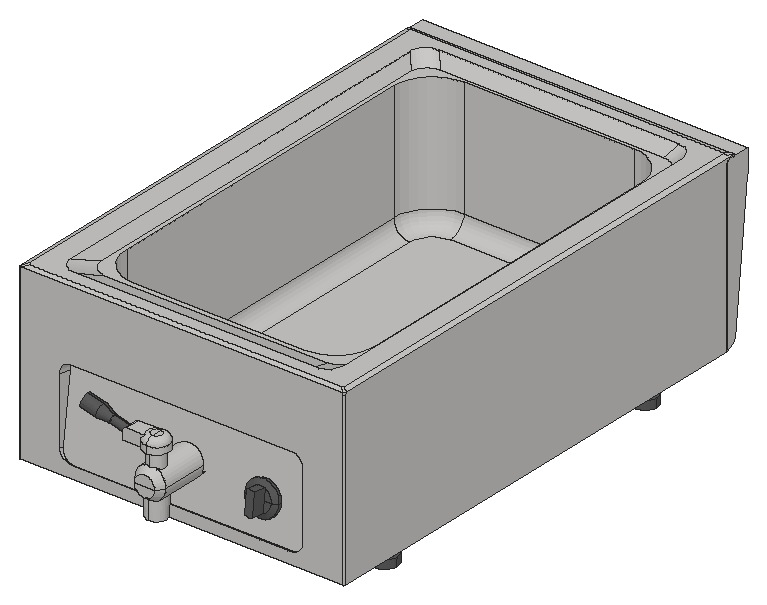
Revit family "QF_BPRO_BC PC 4800_574210", category Sonderausstattung, Revit 2018
Family settings
  Bemaßung runder Anschluss = Durchmesser verwenden
  Teiletyp = Normal
  Arbeitsebenenbasiert = Nein
  Immer vertikal = Ja
  Beim Laden mit Abzugskörper schneiden = Nein
  Gemeinsam genutzt = Nein
  Raumberechnungspunkt = Ja
Parameters (values of type "BC PC 4800")
  Zuleitung zum Gerät im Lieferumfang = yes
  Zubehör = yes
  Warnhinweise = ""
  URL = "https://www.bpro-solutions.com/"
  Typenkommentare = "Pastakocher BC PC 4800"
  Tiefe = 620 mm
  Stecker System = ""
  Spannung = 400 V
  Serviceintervalle = ""
  Schalldruckpegel = ""
  Phasen = 3
  Modell = "BC PC 4800"
  Material = QF_Metal-Stainless-Steel_general
  Länge Gerätebreite = 400 mm
  Kosten = 2634
  Internetadresse für Ersatzteilliste = "https://www.bpro-solutions.com/de/service/service.cfm?language=de"
  Internetadresse Gerätehersteller = "https://www.bpro-solutions.com/"
  Installationshöhe [instance] = 900 mm
  ID [instance] = ""
  Höhe = 240 mm
  Hersteller = "B.PRO GmbH"
  Hauptschalter integriert = yes
  Großküchengerätezuordnung = yes
  Gerätegewicht Netto = 14.00 kg
  Garantiezeit = ""
  Frequenz = 50 Hz
  Freiraum [instance] = no
  Elektrische leistung = 4800 W
  Elektrische Beschreibungen = ""
  CE Kennzeichnung = yes
  Beschreibung durch Nutzer = ""
  Beschreibung durch Hersteller analog Leistungsverzeichnislangtext = "BC PC 4800\r\nPastakocher\r\nnahtlos tiefgezogenes\r\nBecken, für die Aufnahme von\r\nGN-Behälter oder\r\nPastakörben bis\r\n150 mm Tiefe,\r\nKontrollleuchte zur Anzeige\r\ndes Betriebszustands und der\r\nAufheizphase"
  Beschreibung durch Hersteller analog Leistungsverzeichniskurztext = "BC PC 4800\r\nPastakocher\r\nnahtlos tiefgezogenes\r\nBecken, für die Aufnahme von\r\nGN-Behälter oder\r\nPastakörben bis\r\n150 mm Tiefe,\r\nKontrollleuchte zur Anzeige\r\ndes Betriebszustands und der\r\nAufheizphase"
  Beschreibung = "Pastakocher für GN Behälter oder Pastakörben"
  Beckentiefe = 165 mm
  Becken Versatz von vorne = 58 mm
  Becken Tiefe = 506 mm
  Becken Länge = 305 mm
  Artikel Nummer = "574210"
Reference planes
  plane 1 "Hinten": y = 0
  plane 2: z = 0
  plane 3 "Mitte (Links/rechts)": x = 0
  plane 4 "Installationshöhe": z = 900
  plane 5 "UK Korpus": z = 926.5
  plane 6 "OK Korpus": z = 1136.5
  plane 7 "OK": z = 1140
  plane 8: z = 925
  plane 9: x = -200
  plane 10: x = 200
  plane 11: x = 167.88
  plane 12: x = 152.5
  plane 13: x = -152.5
  plane 14: x = -167.88
  plane 15: y = -599.88
  plane 16 "biv": y = -562
  plane 17: y = -56
  plane 18: y = -40.12
  plane 19: y = -20
  plane 20 "Vorne": y = -620
  plane 21 "Korpus Rückseite": y = -30
  plane 22: z = 1126.5
  plane 23: z = 961.5
  plane 24: x = 95
  plane 25 "Füße Links": x = -172
  plane 26 "Füße Rechts": x = 172
  plane 27 "Füße Vorne": y = -522
  plane 28 "Füße Hinten": y = -123
  plane 29: z = 940.5
  plane 30: z = 1050.5
  plane 31: x = -149.5
  plane 32: x = 149.5
  plane 33 "Mitte L/S": y = -605
  plane 34 "ablaufhöhe": z = 990.564
  plane 35 "hahn": y = -658.5
  plane 36: x = -24
  plane 37: z = 1030.564
Forms (mm)
  Extrusion 1, solid, material "QF_Metal-Stainless-Steel_general" <- "Material", detail levels fine
    sketch origin (0, 0, 900) x (-1, 0, 0) y (0, -1, 0)
      loop
        line (198, 620) -> (-198, 620)
        arc (-198, 620) -> (-199.414, 619.414) -> (-200, 618) r 2
        line (-200, 618) -> (-200, 32)
        arc (-200, 32) -> (-199.414, 30.586) -> (-198, 30) r 2
        line (-198, 30) -> (198, 30)
        arc (198, 30) -> (199.414, 30.586) -> (200, 32) r 2
        line (200, 32) -> (200, 618)
        arc (200, 618) -> (199.414, 619.414) -> (198, 620) r 2
    from 26.5 to 236.5
  Extrusion 2, solid, material "QF_Metal-Stainless-Steel_general" <- "Material", detail levels medium+fine
    sketch origin (0, 0, 0) x (0, 1, 0) y (0, 0, 1)
      loop
        line (0, 1107.5) -> (0, 1136.5) -> (-30, 1136.5) -> (-30, 928) -> (-28.883, 928)
        arc (-28.883, 928) -> (-23.218, 930.163) -> (-20.436, 935.553) r 8.5
        line (-20.436, 935.553) -> (-1.307, 1106.088) -> (-1.307, 1107.5) -> (0, 1107.5)
    from -200 to 200
  Blend 3, solid, material "QF_Metal-Stainless-Steel_general" <- "Material", detail levels fine
    base sketch origin (0, 0, 1136.5) x (0, -1, 0) y (1, 0, 0)
      loop
        arc (20, -198) -> (20.586, -199.414) -> (22, -200) r 2
        line (22, -200) -> (618, -200)
        arc (618, -200) -> (619.414, -199.414) -> (620, -198) r 2
        line (620, -198) -> (620, 198)
        arc (620, 198) -> (619.414, 199.414) -> (618, 200) r 2
        line (618, 200) -> (22, 200)
        arc (22, 200) -> (20.586, 199.414) -> (20, 198) r 2
        line (20, 198) -> (20, -198)
    top sketch origin (0, 0, 1136.5) x (0, -1, 0) y (1, 0, 0)
      loop
        arc (26.3, -191.7) -> (26.886, -193.114) -> (28.3, -193.7) r 2
        line (28.3, -193.7) -> (611.7, -193.7)
        arc (611.7, -193.7) -> (613.114, -193.114) -> (613.7, -191.7) r 2
        line (613.7, -191.7) -> (613.7, 191.7)
        arc (613.7, 191.7) -> (613.114, 193.114) -> (611.7, 193.7) r 2
        line (611.7, 193.7) -> (28.3, 193.7)
        arc (28.3, 193.7) -> (26.886, 193.114) -> (26.3, 191.7) r 2
        line (26.3, 191.7) -> (26.3, -191.7)
    from 1.5 to 3.5
  Extrusion 4, solid, material "QF_Plastic-Black-Matt", detail levels fine
    sketch origin (0, 0, 900) x (-1, 0, 0) y (0, -1, 0)
      loop
        circle (172, 123) r 10
    from 10 to 25
  Extrusion 5, solid, material "QF_Plastic-Black-Matt", detail levels fine
    sketch origin (0, 0, 900) x (-1, 0, 0) y (0, -1, 0)
      loop
        circle (-172, 123) r 10
    from 10 to 25
  Extrusion 6, solid, material "QF_Plastic-Black-Matt", detail levels fine
    sketch origin (0, 0, 900) x (-1, 0, 0) y (0, -1, 0)
      loop
        circle (-172, 522) r 10
    from 10 to 25
  Extrusion 7, solid, material "QF_Plastic-Black-Matt", detail levels fine
    sketch origin (0, 0, 900) x (-1, 0, 0) y (0, -1, 0)
      loop
        circle (172, 522) r 10
    from 10 to 25
  Extrusion 8, solid, material "QF_Plastic-Black-Matt", detail levels fine
    sketch origin (0, 0, 900) x (-1, 0, 0) y (0, -1, 0)
      loop
        circle (172, 522) r 14.5
    from 0 to 10
  Extrusion 9, solid, material "QF_Plastic-Black-Matt", detail levels fine
    sketch origin (0, 0, 900) x (-1, 0, 0) y (0, -1, 0)
      loop
        circle (-172, 522) r 14.5
    from 0 to 10
  Extrusion 10, solid, material "QF_Plastic-Black-Matt", detail levels fine
    sketch origin (0, 0, 900) x (-1, 0, 0) y (0, -1, 0)
      loop
        circle (-172, 123) r 14.5
    from 0 to 10
  Extrusion 11, solid, material "QF_Plastic-Black-Matt", detail levels fine
    sketch origin (0, 0, 900) x (-1, 0, 0) y (0, -1, 0)
      loop
        circle (172, 123) r 14.5
    from 0 to 10
  Extrusion 12, solid, material "QF_Metal-Stainless-Steel_general" <- "Material", detail levels fine
    sketch origin (0, 0, 926.5) x (0, -1, 0) y (1, 0, 0)
      loop
        arc (33, -185) -> (35.929, -192.071) -> (43, -195) r 10
        line (43, -195) -> (590, -195)
        arc (590, -195) -> (597.071, -192.071) -> (600, -185) r 10
        line (600, -185) -> (600, 185)
        arc (600, 185) -> (597.071, 192.071) -> (590, 195) r 10
        line (590, 195) -> (43, 195)
        arc (43, 195) -> (35.929, 192.071) -> (33, 185) r 10
        line (33, 185) -> (33, -185)
    from 0 to -1.5
  Extrusion 13, void
    sketch origin (0, -620, 940.5) x (0, 0.135113, 0.99083) y (1, 0, 0)
      loop
        line (110.997, -134.5) -> (110.997, 134.5)
        arc (110.997, 134.5) -> (106.604, 145.107) -> (95.997, 149.5) r 15
        line (95.997, 149.5) -> (15.411, 149.5)
        arc (15.411, 149.5) -> (4.804, 145.107) -> (0.411, 134.5) r 15
        line (0.411, 134.5) -> (0.411, -134.5)
        arc (0.411, -134.5) -> (4.804, -145.107) -> (15.411, -149.5) r 15
        line (15.411, -149.5) -> (95.997, -149.5)
        arc (95.997, -149.5) -> (106.604, -145.107) -> (110.997, -134.5) r 15
    from 2 to -20
  Blend 14, void
    base sketch origin (0, 0, 1136.5) x (0, -1, 0) y (1, 0, 0)
      loop
        arc (51, -137.5) -> (56.858, -151.642) -> (71, -157.5) r 20
        line (71, -157.5) -> (547, -157.5)
        arc (547, -157.5) -> (561.142, -151.642) -> (567, -137.5) r 20
        line (567, -137.5) -> (567, 137.5)
        arc (567, 137.5) -> (561.142, 151.642) -> (547, 157.5) r 20
        line (547, 157.5) -> (71, 157.5)
        arc (71, 157.5) -> (56.858, 151.642) -> (51, 137.5) r 20
        line (51, 137.5) -> (51, -137.5)
    top sketch origin (0, 0, 1136.5) x (0, -1, 0) y (1, 0, 0)
      loop
        arc (40.12, -147.88) -> (45.978, -162.022) -> (60.12, -167.88) r 20
        line (60.12, -167.88) -> (579.88, -167.88)
        arc (579.88, -167.88) -> (594.022, -162.022) -> (599.88, -147.88) r 20
        line (599.88, -147.88) -> (599.88, 147.88)
        arc (599.88, 147.88) -> (594.022, 162.022) -> (579.88, 167.88) r 20
        line (579.88, 167.88) -> (60.12, 167.88)
        arc (60.12, 167.88) -> (45.978, 162.022) -> (40.12, 147.88) r 20
        line (40.12, 147.88) -> (40.12, -147.88)
    from -10 to 3.5
  Extrusion 15, solid, material "QF_Metal-Stainless-Steel_general" <- "Material", detail levels fine
    sketch origin (0, 0, 1136.5) x (0, -1, 0) y (1, 0, 0)
      loop
        line (620, -198) -> (620, 198)
        arc (620, 198) -> (619.414, 199.414) -> (618, 200) r 2
        line (618, 200) -> (22, 200)
        arc (22, 200) -> (20.586, 199.414) -> (20, 198) r 2
        line (20, 198) -> (20, -198)
        arc (20, -198) -> (20.586, -199.414) -> (22, -200) r 2
        line (22, -200) -> (618, -200)
        arc (618, -200) -> (619.414, -199.414) -> (620, -198) r 2
    from 0 to 1.5
  Sweep 16, void
    path origin (0, 0, 1136.5) x (0, -1, 0) y (1, 0, 0)
      loop
        arc (56, -104.5) -> (70.059, -138.441) -> (104, -152.5) r 48
        line (104, -152.5) -> (514, -152.5)
        arc (514, -152.5) -> (547.941, -138.441) -> (562, -104.5) r 48
        line (562, -104.5) -> (562, 104.5)
        arc (562, 104.5) -> (547.941, 138.441) -> (514, 152.5) r 48
        line (514, 152.5) -> (104, 152.5)
        arc (104, 152.5) -> (70.059, 138.441) -> (56, 104.5) r 48
        line (56, 104.5) -> (56, -104.5)
    profile origin (-152.5, -309, 1136.5) x (-1, 0, 0) y (0, 0, 1)
      loop
        line (0, 13.5) -> (-20, 13.5) -> (-20, -175)
        arc (-20, -175) -> (-5.858, -169.142) -> (0, -155) r 20
        line (0, -155) -> (0, 13.5)
  Extrusion 17, void
    sketch origin (0, 0, 1136.5) x (0, -1, 0) y (1, 0, 0)
      loop
        arc (76, -104.5) -> (84.201, -124.299) -> (104, -132.5) r 28
        line (104, -132.5) -> (514, -132.5)
        arc (514, -132.5) -> (533.799, -124.299) -> (542, -104.5) r 28
        line (542, -104.5) -> (542, 104.5)
        arc (542, 104.5) -> (533.799, 124.299) -> (514, 132.5) r 28
        line (514, 132.5) -> (104, 132.5)
        arc (104, 132.5) -> (84.201, 124.299) -> (76, 104.5) r 28
        line (76, 104.5) -> (76, -104.5)
    from -175 to 99.361
  Extrusion 18, solid, material "QF_Metal-Stainless-Steel_general" <- "Material", detail levels medium
    sketch origin (0, 0, 926.5) x (0, -1, 0) y (1, 0, 0)
      loop
        line (620, -200) -> (620, 200) -> (30, 200) -> (30, -200) -> (620, -200)
    from -1.5 to 213.5
  Revolve 19, solid, material "QF_Metal-Stainless-Steel_general", detail levels fine
    sketch origin (0, 0, 990.564) x (-1, 0, 0) y (0, -1, 0)
      loop
        line (19, 599.88) -> (19, 667.5) -> (12.5, 677) -> (0, 677) -> (0, 599.88) -> (19, 599.88)
      axis (0, 599.88) -> (0, 677)
    angle from 0 to 360
  Revolve 20, solid, material "QF_Metal-Stainless-Steel_general", detail levels fine
    sketch origin (0, 0, 0) x (0, 1, 0) y (0, 0, 1)
      loop
        line (-668.5, 1025.5) -> (-668.5, 990.5) -> (-671.5, 990.5) -> (-670.511, 950.5) -> (-658.5, 950.5) -> (-658.5, 1041.5) -> (-665.5, 1041.5)
        arc (-665.5, 1041.5) -> (-671.157, 1039.157) -> (-673.5, 1033.5) r 8
        line (-673.5, 1033.5) -> (-673.5, 1025.5) -> (-668.5, 1025.5)
      axis (-658.5, 1041.5) -> (-658.5, 950.5)
    angle from 0 to 360
  Extrusion 21, solid, material "QF_Metal-Stainless-Steel_general", detail levels fine
    sketch origin (0, -658.5, 0) x (0, 0, 1) y (1, 0, 0)
      loop
        line (1025.5, 0) -> (1025.5, -34) -> (1035.5, -34)
        arc (1035.5, -34) -> (1039.036, -32.536) -> (1040.5, -29) r 5
        line (1040.5, -29) -> (1040.5, 0) -> (1025.5, 0)
    from -9 to 9
  Revolve 22, solid, material "QF_Plastic-Black-Glossy", detail levels fine
    sketch origin (0, -658.5, 0) x (0, 0, 1) y (1, 0, 0)
      loop
        line (1030.564, -24) -> (1047.387, -86.785) -> (1055.598, -84.585) -> (1050.421, -65.267) -> (1043.158, -51.684) -> (1035.394, -22.706) -> (1030.564, -24)
      axis (1030.564, -24) -> (1047.387, -86.785)
    angle from 0 to 360
  Extrusion 23, solid, material "QF_Metal-Stainless-Steel_general" <- "Material", detail levels coarse
    sketch origin (0, 0, 926.5) x (0, -1, 0) y (1, 0, 0)
      loop
        line (0, -200) -> (620, -200) -> (620, 200) -> (0, 200) -> (0, -200)
    from -1.5 to 213.5
  Extrusion 24, solid, visible <- "Freiraum"
    sketch origin (0, 0, 0) x (1, 0, 0) y (0, 1, 0)
      loop
        line (-200, 0) -> (-200, -677) -> (200, -677) -> (200, 0) -> (-200, 0)
    from 900 to 1140
Cuts and joins
  joined: Extrusion 5, Extrusion 10
  joined: Extrusion 6, Extrusion 9
  joined: Extrusion 4, Extrusion 11
  joined: Extrusion 7, Extrusion 8
  Extrusion 13, Blend 14, Sweep 16, Extrusion 17 cuts Extrusion 1
  Blend 14, Sweep 16, Extrusion 17 cuts Blend 3
  Blend 14, Sweep 16, Extrusion 17 cuts Extrusion 15
  joined: Extrusion 1, Blend 3, Extrusion 15
  Extrusion 13, Blend 14, Sweep 16, Extrusion 17 cuts Extrusion 18
  Blend 14 cuts Extrusion 2
  joined: Revolve 19, Revolve 20, Extrusion 21
Lines and regions (mm)
  reference lines
    curve 1: line (0, -620, 940.5) -> (0, -605, 1050.5)
    curve 2: line (-24, -658.5, 1030.564) -> (-86.785, -658.5, 1047.387)
Dimensions and locks
  "Installationshöhe": plane 4 "Installationshöhe" to plane 2
  locked: plane 5 "UK Korpus" to plane 8 at 1.5
  locked: Extrusion 2 sketch curve to plane 5 "UK Korpus" at 1.5
  locked: Extrusion 2 sketch curve to plane 1 "Hinten" at 1.307
  locked: plane 6 "OK Korpus" to Extrusion 2 sketch curve at 29
  "Beckentiefe": plane 22 to plane 23
  locked: plane 6 "OK Korpus" to plane 22 at 10
  locked: plane 9 to Extrusion 12 sketch curve at 5
  locked: Extrusion 12 sketch curve to plane 10 at 5
  locked: Extrusion 12 sketch curve to plane 21 "Korpus Rückseite" at 3
  locked: Extrusion 12 sketch curve to plane 20 "Vorne" at 20
  plane 30 to plane 29 to plane 5 "UK Korpus" = 110 mm locked, 14 mm locked
  locked: plane 9 to plane 14 at 32.12
  locked: plane 11 to plane 10 at 32.12
  locked: plane 21 "Korpus Rückseite" to plane 18 at 10.12
  locked: plane 15 to plane 20 "Vorne" at 20.12
  "Becken Versatz von vorne": plane 16 "biv" to plane 20 "Vorne"
  "Becken Tiefe": plane 17 to plane 16 "biv"
  plane 1 "Hinten" to plane 17 = 56 mm
  locked: plane 27 "Füße Vorne" to plane 20 "Vorne" at 98
  locked: plane 28 "Füße Hinten" to plane 1 "Hinten" at 123
  locked: plane 26 "Füße Rechts" to plane 10 at 28
  locked: plane 9 to plane 25 "Füße Links" at 28
  equal spacing: plane 13, plane 3 "Mitte (Links/rechts)", plane 12
  "Becken Länge": plane 13 to plane 12
  locked: plane 24 to plane 10 at 105
  plane 32 to plane 3 "Mitte (Links/rechts)" to plane 31 = 149.5 mm locked, 149.5 mm locked
  plane 20 "Vorne" to plane 33 "Mitte L/S" = 15 mm
  equal spacing: plane 9, plane 3 "Mitte (Links/rechts)", plane 10
  "Länge Gerätebreite": plane 9 to plane 10
  "Tiefe": plane 20 "Vorne" to plane 1 "Hinten"
  "Höhe": plane 7 "OK" to plane 4 "Installationshöhe"
  locked: plane 1 "Hinten" to connector elem at 100
  locked: plane 9 to connector elem at 100
  plane 23 to plane 5 "UK Korpus" = 35 mm
  plane 20 "Vorne" to Revolve 19 sketch curve to Revolve 19 sketch curve = 47.5 mm locked, 9.5 mm locked
  Revolve 19 sketch curve to Revolve 19 sketch curve to plane 3 "Mitte (Links/rechts)" = 6.5 mm locked, 12.5 mm locked
  plane 35 "hahn" to plane 20 "Vorne" = 38.5 mm
  Revolve 20 sketch curve to Revolve 20 sketch curve to plane 34 "ablaufhöhe" to Revolve 20 sketch curve = 16 mm locked, 34.936 mm locked, 40.064 mm locked
  locked: Revolve 20 sketch curve to plane 35 "hahn" at 12.011
  locked: Revolve 20 sketch curve to plane 35 "hahn" at 13
  locked: plane 3 "Mitte (Links/rechts)" to plane 36 at 24
  Extrusion 21 sketch curve to Extrusion 21 sketch curve to plane 34 "ablaufhöhe" = 15 mm locked, 34.936 mm locked
  locked: plane 36 to Extrusion 21 sketch curve at 10
  locked: plane 37 to plane 34 "ablaufhöhe" at 40
  locked: curve 2 to curve 2 at 65
  locked: Revolve 22 sketch curve to curve 2 at 5
  locked: Revolve 22 sketch curve to curve 2 at 8.5
  locked: curve 2 to plane 37 (angle 15.00°)
  aligned and locked: level to plane 2
  aligned and locked: Extrusion 1 sketch curve to plane 20 "Vorne"
  aligned and locked: plane 9 to Extrusion 1 sketch curve
  aligned and locked: Extrusion 1 sketch curve to plane 10
  aligned and locked: plane 6 "OK Korpus" to Extrusion 1
  aligned and locked: Extrusion 1 to plane 5 "UK Korpus"
  aligned and locked: plane 6 "OK Korpus" to Extrusion 2 sketch curve
  aligned and locked: Extrusion 2 sketch curve to plane 21 "Korpus Rückseite"
  aligned and locked: Extrusion 2 sketch curve to plane 1 "Hinten"
  aligned and locked: Extrusion 2 to plane 10
  aligned and locked: plane 9 to Extrusion 2
  aligned and locked: Blend 3 sketch curve to plane 19
  aligned and locked: Blend 3 sketch curve to plane 9
  aligned and locked: plane 20 "Vorne" to Blend 3 sketch curve
  aligned and locked: plane 10 to Blend 3 sketch curve
  aligned and locked: plane 7 "OK" to Blend 3
  aligned and locked: plane 21 "Korpus Rückseite" to Extrusion 1 sketch curve
  aligned and locked: Extrusion 12 to plane 8
  aligned and locked: plane 20 "Vorne" to curve 1
  aligned and locked: plane 29 to curve 1
  aligned and locked: plane 30 to curve 1
  aligned and locked: plane 33 "Mitte L/S" to curve 1
  aligned and locked: plane 31 to Extrusion 13 sketch curve
  aligned and locked: plane 32 to Extrusion 13 sketch curve
  aligned and locked: plane 24 to nested 1
  aligned and locked: Blend 14 sketch curve to plane 18
  aligned and locked: Blend 14 sketch curve to plane 14
  aligned and locked: plane 15 to Blend 14 sketch curve
  aligned and locked: plane 11 to Blend 14 sketch curve
  aligned and locked: Blend 14 to plane 22
  aligned and locked: plane 7 "OK" to Blend 14
  aligned and locked: Extrusion 15 sketch curve to plane 20 "Vorne"
  aligned and locked: plane 9 to Extrusion 15 sketch curve
  aligned and locked: plane 19 to Extrusion 15 sketch curve
  aligned and locked: Extrusion 15 sketch curve to plane 10
  aligned and locked: Sweep 16 sketch curve to plane 17
  aligned and locked: Sweep 16 sketch curve to plane 13
  aligned and locked: plane 16 "biv" to Sweep 16 sketch curve
  aligned and locked: plane 12 to Sweep 16 sketch curve
  aligned and locked: plane 13 to Sweep 16 sketch curve
  aligned and locked: Extrusion 18 sketch curve to plane 20 "Vorne"
  aligned and locked: plane 9 to Extrusion 18 sketch curve
  aligned and locked: plane 21 "Korpus Rückseite" to Extrusion 18 sketch curve
  aligned and locked: Extrusion 18 sketch curve to plane 10
  aligned and locked: Extrusion 18 to plane 8
  aligned and locked: plane 7 "OK" to Extrusion 18
  aligned and locked: plane 23 to Extrusion 17
  aligned and locked: plane 15 to Revolve 19 sketch curve
  aligned and locked: Revolve 19 sketch curve to plane 3 "Mitte (Links/rechts)"
  aligned and locked: Revolve 20 sketch curve to plane 35 "hahn"
  aligned and locked: Extrusion 21 sketch curve to plane 3 "Mitte (Links/rechts)"
  aligned and locked: plane 36 to curve 2
  aligned and locked: plane 37 to curve 2
  aligned and locked: Revolve 22 sketch curve to curve 2  (x3)
  aligned and locked: plane 10 to Extrusion 23 sketch curve
  aligned and locked: plane 20 "Vorne" to Extrusion 23 sketch curve
  aligned and locked: plane 1 "Hinten" to Extrusion 23 sketch curve
  aligned and locked: Extrusion 23 sketch curve to plane 9
  aligned and locked: Extrusion 23 to plane 8
  aligned and locked: plane 7 "OK" to Extrusion 23
  aligned and locked: Extrusion 24 sketch curve to plane 9
  aligned and locked: plane 10 to Extrusion 24 sketch curve
  aligned and locked: plane 1 "Hinten" to Extrusion 24 sketch curve
  aligned and locked: Extrusion 24 sketch curve to cut or joined group of Revolve 19, Revolve 20, Extrusion 21
  aligned and locked: plane 7 "OK" to Extrusion 24
  aligned and locked: Extrusion 24 to plane 4 "Installationshöhe"
Automatic sketch dimensions
  plane 10 to Extrusion 1 sketch curve = 2 mm  (x2)
  Extrusion 1 sketch curve to Extrusion 1 sketch curve = 2 mm
  Extrusion 1 sketch curve to plane 9 = 2 mm
  plane 21 "Korpus Rückseite" to Extrusion 2 sketch curve = 1.117 mm
  Extrusion 2 sketch curve to plane 19 = 0.436 mm
  plane 5 "UK Korpus" to Extrusion 2 sketch curve = 9.053 mm
  Extrusion 2 sketch curve to Extrusion 2 sketch curve = 1.412 mm
  Blend 3 sketch curve to Blend 3 sketch curve = 2 mm  (x4)
  Blend 3 sketch curve to plane 19 = 2 mm
  plane 20 "Vorne" to Blend 3 sketch curve = 2 mm
  plane 21 "Korpus Rückseite" to Blend 3 sketch curve = 3.7 mm
  plane 21 "Korpus Rückseite" to Blend 3 sketch curve = 1.7 mm  (x2)
  plane 20 "Vorne" to Blend 3 sketch curve = 8.3 mm
  Blend 3 sketch curve to plane 9 = 6.3 mm
  plane 10 to Blend 3 sketch curve = 8.3 mm
  Extrusion 4 sketch curve to plane 25 "Füße Links" = 0 mm
  Extrusion 4 sketch curve to plane 28 "Füße Hinten" = 0 mm
  Extrusion 5 sketch curve to plane 26 "Füße Rechts" = 0 mm
  Extrusion 5 sketch curve to plane 28 "Füße Hinten" = 0 mm
  Extrusion 6 sketch curve to plane 26 "Füße Rechts" = 0 mm
  Extrusion 6 sketch curve to plane 27 "Füße Vorne" = 0 mm
  Extrusion 7 sketch curve to plane 25 "Füße Links" = 0 mm
  Extrusion 7 sketch curve to plane 27 "Füße Vorne" = 0 mm
  Extrusion 8 sketch curve to plane 25 "Füße Links" = 0 mm
  Extrusion 8 sketch curve to plane 27 "Füße Vorne" = 0 mm
  Extrusion 9 sketch curve to plane 26 "Füße Rechts" = 0 mm
  Extrusion 9 sketch curve to plane 27 "Füße Vorne" = 0 mm
  Extrusion 10 sketch curve to plane 26 "Füße Rechts" = 0 mm
  Extrusion 10 sketch curve to plane 28 "Füße Hinten" = 0 mm
  Extrusion 11 sketch curve to plane 25 "Füße Links" = 0 mm
  Extrusion 11 sketch curve to plane 28 "Füße Hinten" = 0 mm
  Extrusion 12 sketch curve to plane 18 = 2.88 mm  (x2)
  plane 15 to Extrusion 12 sketch curve = 9.88 mm  (x2)
  curve 1 to Extrusion 13 sketch curve = 0.411 mm
  curve 1 to Extrusion 13 sketch curve = 15.411 mm
  Extrusion 13 sketch curve to Extrusion 13 sketch curve = 15 mm
  Extrusion 13 sketch curve to curve 1 = 15.021 mm  (x2)
  Extrusion 13 sketch curve to curve 1 = 0.021 mm
  plane 17 to Blend 14 sketch curve = 5 mm
  Blend 14 sketch curve to plane 17 = 15 mm  (x2)
  plane 13 to Blend 14 sketch curve = 5 mm
  plane 16 "biv" to Blend 14 sketch curve = 15 mm  (x2)
  Blend 14 sketch curve to plane 16 "biv" = 5 mm
  Blend 14 sketch curve to plane 32 = 12 mm
  Blend 14 sketch curve to Blend 14 sketch curve = 20 mm  (x2)
  Blend 14 sketch curve to plane 18 = 20 mm
  plane 15 to Blend 14 sketch curve = 20 mm
  Extrusion 15 sketch curve to plane 19 = 2 mm
  Extrusion 15 sketch curve to plane 9 = 2 mm
  plane 20 "Vorne" to Extrusion 15 sketch curve = 2 mm
  plane 10 to Extrusion 15 sketch curve = 2 mm
  plane 24 to Sweep 16 sketch curve = 9.5 mm
  plane 28 "Füße Hinten" to Sweep 16 sketch curve = 19 mm
  plane 27 "Füße Vorne" to Sweep 16 sketch curve = 8 mm  (x2)
  profile plane to Sweep 16 sketch curve = 20 mm
  plane 6 "OK Korpus" to Sweep 16 sketch curve = 13.5 mm
  Sweep 16 sketch curve to plane 6 "OK Korpus" = 155 mm
  Extrusion 17 sketch curve to plane 17 = 20 mm
  plane 28 "Füße Hinten" to Extrusion 17 sketch curve = 19 mm  (x2)
  plane 27 "Füße Vorne" to Extrusion 17 sketch curve = 8 mm  (x2)
  Extrusion 17 sketch curve to plane 27 "Füße Vorne" = 20 mm
  Extrusion 17 sketch curve to plane 31 = 17 mm
  plane 24 to Extrusion 17 sketch curve = 9.5 mm
  Revolve 19 sketch curve to plane 3 "Mitte (Links/rechts)" = 0 mm
  plane 15 to Revolve 19 sketch curve = 15 mm
  Revolve 19 sketch curve to Revolve 19 sketch curve = 32.88 mm
  Revolve 20 sketch curve to plane 35 "hahn" = 0 mm
  Revolve 20 sketch curve to plane 35 "hahn" = 15 mm
  Revolve 20 sketch curve to plane 34 "ablaufhöhe" = 0.064 mm
  Revolve 20 sketch curve to Revolve 20 sketch curve = 3 mm
  Revolve 20 sketch curve to plane 35 "hahn" = 7 mm
  Revolve 20 sketch curve to plane 4 "Installationshöhe" = 46.605 mm
  plane 30 to Revolve 20 sketch curve = 33.118 mm
  Extrusion 21 sketch curve to Extrusion 21 sketch curve = 5 mm
  Revolve 22 sketch curve to plane 36 = 0 mm  (x2)
  Revolve 22 sketch curve to plane 30 = 7.342 mm
  Revolve 22 sketch curve to plane 30 = 0.079 mm
  Revolve 22 sketch curve to Revolve 22 sketch curve = 0 mm
  radius of Extrusion 4 sketch curve = 10 mm
  radius of Extrusion 5 sketch curve = 10 mm
  radius of Extrusion 6 sketch curve = 10 mm
  radius of Extrusion 7 sketch curve = 10 mm
  radius of Extrusion 8 sketch curve = 14.5 mm
  radius of Extrusion 9 sketch curve = 14.5 mm
  radius of Extrusion 10 sketch curve = 14.5 mm
  radius of Extrusion 11 sketch curve = 14.5 mm
Nested families
  nested 1: "Drehknopf" at (95, -612.141, 983.328) x (1, 0, 0) z (0, 0.9908, -0.1351), type "Standard"
Connectors
  electrical at (-100, -100, 926.5), driven by "Spannung", driven by "Elektrische leistung"
    settings: index 1, voltage 400 V, apparent load 0 VA, apparent load phase1 4800 VA, apparent load phase2 0 VA, apparent load phase3 0 VA, power factor 1, load classification "Sonstige", number of poles 1, system type 31, power factor state 1, is connector primary yes, connector utility no, sub classification motor no, connector description ""
Definition of nested family "Drehknopf"
  Parameters (values of type "Standard")
    Default Elevation = 1219.2 mm
    Material = none
    Innen = yes
    Aussen = no
  Reference planes
    plane 1 "Mitte (Vorne/hinten)": y = 0
    plane 2: z = 0
    plane 3 "Mitte (Links/rechts)": x = 0
    plane 4: z = 3
    plane 5: z = 7
    plane 6: z = 22
    plane 7: x = -14.5
    plane 8: x = -21
    plane 9: z = -3
    plane 10: z = -7
    plane 11: z = -22
    plane 12: x = -14.5
    plane 13: x = -21
  Forms (mm)
    Extrusion 1, solid
      sketch origin (0, 0, 0) x (1, 0, 0) y (0, 1, 0)
        loop
          line (-1219.2, 1219.2) -> (-1219.2, -1219.2) -> (1219.2, -1219.2) -> (1219.2, 1219.2) -> (-1219.2, 1219.2)
      from 0 to -304.8
    Revolve 2, solid, material <- "Material", visible <- "Aussen", detail levels fine
      sketch origin (0, 0, 0) x (1, 0, 0) y (0, 0, 1)
        loop
          line (0, 0) -> (0, 7) -> (-14.5, 7) -> (-21, 3) -> (-21, 0) -> (0, 0)
        axis (0, 7) -> (0, 0)
      angle from 0 to 360
    Extrusion 3, solid, material <- "Material", visible <- "Aussen", detail levels fine
      sketch origin (0, 0, 0) x (1, 0, 0) y (0, 1, 0)
        loop
          arc (-5, -13.611) -> (0, -14.5) -> (5, -13.611) r 14.5
          line (5, -13.611) -> (5, 13.611)
          arc (5, 13.611) -> (0, 14.5) -> (-5, 13.611) r 14.5
          line (-5, 13.611) -> (-5, -13.611)
      from 7 to 22
    Revolve 4, solid, material <- "Material", visible <- "Innen", detail levels fine
      sketch origin (0, 0, 0) x (1, 0, 0) y (0, 0, -1)
        loop
          line (0, 0) -> (0, 7) -> (-14.5, 7) -> (-21, 3) -> (-21, 0) -> (0, 0)
        axis (0, 7) -> (0, 0)
      angle from 0 to 360
    Extrusion 5, solid, material <- "Material", visible <- "Innen", detail levels fine
      sketch origin (0, 0, 0) x (0, -1, 0) y (1, 0, 0)
        loop
          arc (13.611, -5) -> (14.5, 0) -> (13.611, 5) r 14.5
          line (13.611, 5) -> (-13.611, 5)
          arc (-13.611, 5) -> (-14.5, 0) -> (-13.611, -5) r 14.5
          line (-13.611, -5) -> (13.611, -5)
      from -7 to -22
  Cuts and joins
    joined: Revolve 2, Extrusion 3
  Dimensions and locks
    plane 4 to level = 3 mm
    plane 5 to plane 4 = 4 mm
    plane 6 to plane 5 = 15 mm
    plane 3 "Mitte (Links/rechts)" to plane 7 = 14.5 mm  (x2)
    plane 3 "Mitte (Links/rechts)" to plane 8 = 21 mm
    aligned and locked: plane 2 to Extrusion 1
    aligned and locked: level to Extrusion 1
    aligned and locked: Revolve 2 sketch curve to plane 3 "Mitte (Links/rechts)"  (x2)
    aligned and locked: plane 8 to Revolve 2 sketch curve
    aligned and locked: plane 2 to Revolve 2 sketch curve
    aligned and locked: plane 5 to Revolve 2 sketch curve
    aligned and locked: plane 5 to Extrusion 3
    aligned and locked: plane 6 to Extrusion 3
    aligned and locked: Revolve 4 sketch curve to plane 13
    aligned and locked: Revolve 4 sketch curve to plane 10
    aligned and locked: Extrusion 5 to plane 10
    aligned and locked: Extrusion 5 to plane 11
